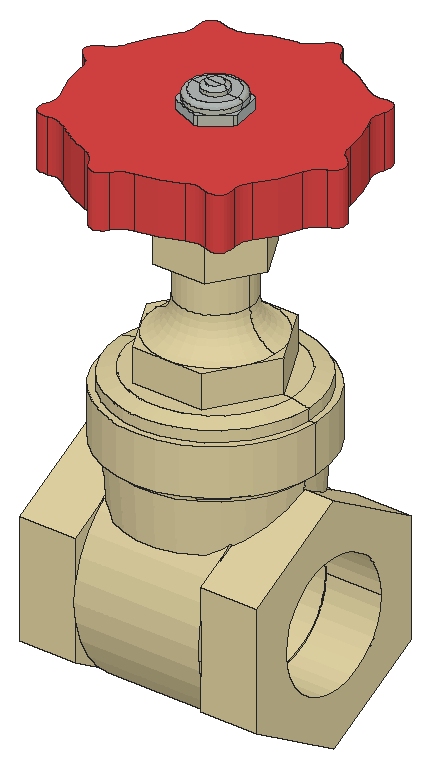
Revit family "AA01100000", category Apparecchi idraulici, Revit 2020
Family settings
  Quota connettore circolare = Usa diametro
  Tipo di parte = Normale
  Numero OmniClass = 23.45.00.00
  Titolo OmniClass = Sanitary, Laundry, and Cleaning Equipment
  Basato su piano di lavoro = No
  Sempre verticale = Sì
  Taglio con vuoti quando caricato = No
  Condiviso = No
  Punto di calcolo locali = No
Parameters
  URL = "https://web.cimberio.it/index.php/figura/526?subcategoria_id="
  Temperatura di esercizio = "-10 ÷ 150°C"
  Prospetto di default = 0 mm
  Produttore = "CIMBERIO SPA"
  Pressione nominale = "PN 16"
  Modello = "Cim 50"
  Materiale = "Prodotto in lega di ottone conforme alla norma EN 12165-CW617N-DW"
  Descrizione = "Utilizzato nei più svariati settori dell'impiantistica: impianti di riscaldamento, condizionamento, idrici, igienico-sanitari, reti di distribuzione oli, benzine, vapore saturo e in generale con ogni fluido non corrosivo.\r\nUtilizzato nei più svariati settori dell'impiantistica: impianti di riscaldamento, condizionamento, idrici, igienico-sanitari, reti di distribuzione oli, benzine, vapore saturo e in generale con ogni fluido non corrosivo.\r\nUtilizzato nei più svariati settori dell'impiantistica: impianti di riscaldamento, condizionamento, idrici, igienico-sanitari, reti di distribuzione oli, benzine, vapore saturo e in generale con ogni fluido non corrosivo."
  DN Model [instance] = AA01101032 : AA01101032
  DN [instance] = 28 mm
  Commenti sul tipo = "Realizzato in ottemperanza ai requisiti gestionali della norma EN ISO 9001.\r\nCollaudato al 100% secondo la normativa EN 12266-1."
Reference planes
  plane 1 "Centro (Fronte/Retro)": y = 0
  plane 2: z = 0
  plane 3 "Centro (Sinistra/Destra)": x = 0
Dimensions and locks
  aligned and locked: level to plane 2
Nested families
  nested 1: "AA01101032" at (0, 0, 0), type <- "DN Model", type "AA01101032"
  nested 2: "AA01101032" at (0, 0, 0), type <- "DN Model", type "AA01101032"
  nested 3: "AA01101032" at (0, 0, 0), type <- "DN Model", type "AA01101032"
  nested 4: "AA01101032" at (0, 0, 0), type <- "DN Model", type "AA01101032"
  nested 5: "AA01101032" at (0, 0, 0), type <- "DN Model", type "AA01101032"
  nested 6: "AA01101032" at (0, 0, 0), type <- "DN Model", type "AA01101032"
  nested 7: "AA01101032" at (0, 0, 0), type <- "DN Model", type "AA01101032"
  nested 8: "AA01101032" at (0, 0, 0), type <- "DN Model", type "AA01101032"
  nested 9: "AA01101032" at (0, 0, 0), type <- "DN Model", type "AA01101032"
Connectors
  piping at (27.5, 0, 0), diameter 28, driven by "DN"
    settings: on nested 1, index 1, connector inside diameter 609.6 mm, connector length 0 mm, flow factor 0, pipe flow 0.0 L/s, pressure drop 0.0 Pa, fitting loss kfactor 0, connector angle 0.00°, fixture units 0, engagement length 0 mm, angle of deflection 0.00°, flow configuration 0, flow direction 0, fitting loss method 0, system type 7, joint type 0, gender type 0, connector reference index -1, connector utility 0, adjustable connector no, is connector primary yes, connector description ""
  piping at (27.5, 0, 0), diameter 28, driven by "DN"
    settings: on nested 1, index 2, connector inside diameter 609.6 mm, connector length 0 mm, flow factor 0, pipe flow 0.0 L/s, pressure drop 0.0 Pa, fitting loss kfactor 0, connector angle 0.00°, fixture units 0, engagement length 0 mm, angle of deflection 0.00°, flow configuration 0, flow direction 0, fitting loss method 0, system type 7, joint type 0, gender type 0, connector reference index -1, connector utility 0, adjustable connector no, is connector primary no, connector description ""
  piping at (-27.5, 0, 0), diameter 28, driven by "DN"
    settings: on nested 1, index 3, connector inside diameter 609.6 mm, connector length 0 mm, flow factor 0, pipe flow 0.0 L/s, pressure drop 0.0 Pa, fitting loss kfactor 0, connector angle 0.00°, fixture units 0, engagement length 0 mm, angle of deflection 0.00°, flow configuration 0, flow direction 0, fitting loss method 0, system type 7, joint type 0, gender type 0, connector reference index -1, connector utility 0, adjustable connector no, is connector primary no, connector description ""
Definition of nested family "AA01101032"
  Parameters (values of type "AA01101032")
    Default Elevation = 0 mm
  Reference planes
    plane 1 "Centro (Fronte/Retro)": y = 0
    plane 2: z = 0
    plane 3 "Centro (Sinistra/Destra)": x = 0
  Forms (mm)
    Revolve 1, solid
      sketch origin (0, 0, 0) x (1, 0, 0) y (0, 0, 1)
        loop
          line (14.5, -14) -> (-14.5, -14) -> (-14.5, -23) -> (14.5, -23) -> (14.5, -14)
        axis (-14.5, 0) -> (14.5, 0)
      angle from 0 to 360
    Extrusion 2, solid
      sketch origin (0, 0, 0) x (0, 1, 0) y (0, 0, 1)
        loop
          circle (0, 0) r 14
        loop
          line (0, 25.75) -> (-22.3, 12.875) -> (-22.3, -12.875) -> (0, -25.75) -> (22.3, -12.875) -> (22.3, 12.875) -> (0, 25.75)
      from -27.5 to -14.5
    Revolve 3, solid
      sketch origin (0, 0, 32) x (1, 0, 0) y (0, 0, 1)
        loop
          line (0, 12) -> (-18, 12) -> (-21.75, 10.995) -> (-21.75, 8.5) -> (-23.35, 8.5) -> (-23.35, -2.24)
          arc (-23.35, -2.24) -> (-22.99, -2.422) -> (-22.594, -2.5) r 1.466
          arc (-22.594, -2.5) -> (-21.292, -3.099) -> (-20.75, -4.426) r 1.952
          line (-20.75, -4.426) -> (-19.932, -16.125) -> (0, -16.125) -> (0, 12)
        axis (0, 12) -> (0, -16.125)
      angle from 0 to 360
    Extrusion 4, solid
      sketch origin (0, 0, 22.5) x (0, -1, 0) y (1, 0, 0)
        loop
          line (0, 16) -> (-13.856, 8) -> (-13.856, -8) -> (0, -16) -> (13.856, -8) -> (13.856, 8) -> (0, 16)
      from 21.5 to 29.055
    Revolve 5, solid
      sketch origin (0, 0, 23.5) x (1, 0, 0) y (0, 0, 1)
        loop
          line (0, 28.055) -> (0, 44.5) -> (-8, 44.5) -> (-8, 35.782)
          arc (-8, 35.782) -> (-9.653, 30.912) -> (-13.929, 28.055) r 8
          line (-13.929, 28.055) -> (0, 28.055)
        axis (0, 44.5) -> (0, 28.055)
      angle from 0 to 360
    Extrusion 6, solid
      sketch origin (0, 0, 22.5) x (0, -1, 0) y (1, 0, 0)
        loop
          line (0, 12.1) -> (-10.479, 6.05) -> (-10.479, -6.05) -> (0, -12.1) -> (10.479, -6.05) -> (10.479, 6.05) -> (0, 12.1)
      from 45.5 to 55.5
    Revolve 7, solid
      sketch origin (0, 0, 20.508) x (1, 0, 0) y (0, 0, 1)
        loop
          line (-8.978, 66.336) -> (-8.978, 64.992)
          arc (-8.978, 64.992) -> (-8.832, 64.639) -> (-8.478, 64.492) r 0.5
          line (-8.478, 64.492) -> (-4, 64.492) -> (-4, 53.951) -> (0, 53.951) -> (0, 66.336) -> (-8.978, 66.336)
        axis (0, 66.336) -> (0, 53.951)
      angle from 0 to 360
    Extrusion 8, solid
      sketch origin (-0.001, -0.001, 37.5) x (0.500497, -0.865738, 0) y (0.865738, 0.500497, 0)
        loop
          arc (-6.599, 3.005) -> (-6.779, 2.572) -> (-6.931, 2.128) r 7.25
          line (-6.931, 2.128) -> (-5.901, -4.211)
          arc (-5.901, -4.211) -> (-5.616, -4.584) -> (-5.307, -4.937) r 7.25
          line (-5.307, -4.937) -> (0.698, -7.215)
          arc (0.698, -7.215) -> (1.163, -7.154) -> (1.624, -7.064) r 7.25
          line (1.624, -7.064) -> (6.598, -3.002)
          arc (6.598, -3.002) -> (6.779, -2.569) -> (6.931, -2.125) r 7.25
          line (6.931, -2.125) -> (5.9, 4.214)
          arc (5.9, 4.214) -> (5.615, 4.587) -> (5.307, 4.941) r 7.25
          line (5.307, 4.941) -> (-0.698, 7.218)
          arc (-0.698, 7.218) -> (-1.164, 7.158) -> (-1.624, 7.068) r 7.25
          line (-1.624, 7.068) -> (-6.599, 3.005)
      from 58.039 to 62.5
    Revolve 9, solid
      sketch origin (0, 0, 20.5) x (1, 0, 0) y (0, 0, 1)
        loop
          line (0, 81.5) -> (0, 79.5) -> (6.25, 79.5) -> (6.25, 80.5)
          arc (6.25, 80.5) -> (5.957, 81.207) -> (5.25, 81.5) r 1
          line (5.25, 81.5) -> (0, 81.5)
        axis (0, 81.5) -> (0, 79.5)
      angle from 0 to 360
    Revolve 10, solid
      sketch origin (0, 0, 8.508) x (1, 0, 0) y (0, 0, 1)
        loop
          line (0, 95) -> (0, 93) -> (1.851, 93) -> (2.902, 93.446) -> (2.902, 94.245) -> (1.9, 95) -> (0, 95)
        axis (0, 95) -> (0, 93)
      angle from 0 to 360
    Extrusion 11, solid
      sketch origin (0, 0, 0) x (0, 1, 0) y (0, 0, -1)
        loop
          circle (0, 0) r 14
        loop
          line (0, -25.75) -> (22.3, -12.875) -> (22.3, 12.875) -> (0, 25.75) -> (-22.3, 12.875) -> (-22.3, -12.875) -> (0, -25.75)
      from -27.5 to -14.5
    Extrusion 12, solid
      sketch origin (0, 0, 0) x (1, 0, 0) y (0, 1, 0)
        loop
          spline (5.26, 30.15) -> (4.96, 30.767) -> (4.607, 31.298) -> (4.209, 31.732) -> (3.773, 32.061) -> (3.308, 32.277) -> (2.824, 32.377) -> (2.329, 32.359) -> (1.834, 32.222) -> (1.348, 31.97) -> (0.882, 31.608) -> (0.443, 31.143) -> (0.042, 30.584)
          arc (0.042, 30.584) -> (-1.524, 29.021) -> (-3.606, 28.271) r 5.089
          arc (-3.606, 28.271) -> (-8.57, 27.181) -> (-13.262, 25.226) r 28.5
          arc (-13.262, 25.226) -> (-15.41, 24.647) -> (-17.6, 25.039) r 5.089
          spline (-17.6, 25.039) -> (-18.247, 25.262) -> (-18.87, 25.389) -> (-19.457, 25.415) -> (-19.996, 25.34) -> (-20.477, 25.166) -> (-20.891, 24.896) -> (-21.228, 24.536) -> (-21.483, 24.093) -> (-21.65, 23.575) -> (-21.726, 22.992) -> (-21.71, 22.357) -> (-21.602, 21.681)
          arc (-21.602, 21.681) -> (-21.596, 19.456) -> (-22.54, 17.441) r 5.089
          arc (-22.54, 17.441) -> (-25.28, 13.16) -> (-27.215, 8.46) r 28.5
          arc (-27.215, 8.46) -> (-28.324, 6.531) -> (-30.15, 5.26) r 5.089
          spline (-30.15, 5.26) -> (-30.766, 4.961) -> (-31.296, 4.609) -> (-31.729, 4.213) -> (-32.058, 3.778) -> (-32.275, 3.315) -> (-32.376, 2.833) -> (-32.36, 2.339) -> (-32.227, 1.846) -> (-31.979, 1.361) -> (-31.621, 0.895) -> (-31.16, 0.457) -> (-30.605, 0.056)
          arc (-30.605, 0.056) -> (-29.028, -1.514) -> (-28.271, -3.606) r 5.089
          arc (-28.271, -3.606) -> (-27.181, -8.57) -> (-25.226, -13.262) r 28.5
          arc (-25.226, -13.262) -> (-24.647, -15.41) -> (-25.039, -17.6) r 5.089
          spline (-25.039, -17.6) -> (-25.262, -18.247) -> (-25.389, -18.87) -> (-25.415, -19.457) -> (-25.34, -19.996) -> (-25.166, -20.477) -> (-24.896, -20.891) -> (-24.536, -21.228) -> (-24.093, -21.483) -> (-23.575, -21.65) -> (-22.992, -21.726) -> (-22.357, -21.71) -> (-21.681, -21.602)
          arc (-21.681, -21.602) -> (-19.456, -21.596) -> (-17.441, -22.54) r 5.089
          arc (-17.441, -22.54) -> (-13.16, -25.28) -> (-8.46, -27.215) r 28.5
          arc (-8.46, -27.215) -> (-6.541, -28.316) -> (-5.269, -30.127) r 5.089
          spline (-5.269, -30.127) -> (-4.971, -30.747) -> (-4.62, -31.281) -> (-4.224, -31.719) -> (-3.789, -32.051) -> (-3.325, -32.271) -> (-2.841, -32.376) -> (-2.347, -32.361) -> (-1.852, -32.229) -> (-1.365, -31.981) -> (-0.898, -31.623) -> (-0.458, -31.161) -> (-0.056, -30.605)
          arc (-0.056, -30.605) -> (1.514, -29.028) -> (3.606, -28.271) r 5.089
          arc (3.606, -28.271) -> (8.57, -27.181) -> (13.262, -25.226) r 28.5
          arc (13.262, -25.226) -> (15.397, -24.647) -> (17.577, -25.029) r 5.089
          spline (17.577, -25.029) -> (18.228, -25.257) -> (18.856, -25.387) -> (19.447, -25.415) -> (19.99, -25.341) -> (20.475, -25.167) -> (20.891, -24.896) -> (21.23, -24.534) -> (21.485, -24.087) -> (21.652, -23.565) -> (21.727, -22.978) -> (21.708, -22.337) -> (21.596, -21.656)
          arc (21.596, -21.656) -> (21.599, -19.443) -> (22.54, -17.441) r 5.089
          arc (22.54, -17.441) -> (25.28, -13.16) -> (27.215, -8.46) r 28.5
          arc (27.215, -8.46) -> (28.316, -6.541) -> (30.127, -5.269) r 5.089
          spline (30.127, -5.269) -> (30.749, -4.97) -> (31.284, -4.618) -> (31.722, -4.22) -> (32.054, -3.784) -> (32.274, -3.318) -> (32.376, -2.833) -> (32.36, -2.337) -> (32.224, -1.84) -> (31.973, -1.353) -> (31.611, -0.885) -> (31.145, -0.445) -> (30.584, -0.042)
          arc (30.584, -0.042) -> (29.021, 1.524) -> (28.271, 3.606) r 5.089
          arc (28.271, 3.606) -> (27.181, 8.57) -> (25.226, 13.262) r 28.5
          arc (25.226, 13.262) -> (24.647, 15.397) -> (25.029, 17.577) r 5.089
          spline (25.029, 17.577) -> (25.257, 18.228) -> (25.387, 18.856) -> (25.415, 19.447) -> (25.341, 19.99) -> (25.167, 20.475) -> (24.896, 20.891) -> (24.534, 21.23) -> (24.087, 21.485) -> (23.565, 21.652) -> (22.978, 21.727) -> (22.337, 21.708) -> (21.656, 21.596)
          arc (21.656, 21.596) -> (19.443, 21.599) -> (17.441, 22.54) r 5.089
          arc (17.441, 22.54) -> (13.16, 25.28) -> (8.46, 27.215) r 28.5
          arc (8.46, 27.215) -> (6.531, 28.324) -> (5.26, 30.15) r 5.089
      from 86 to 97.959
  Dimensions and locks
    aligned and locked: level to plane 2
